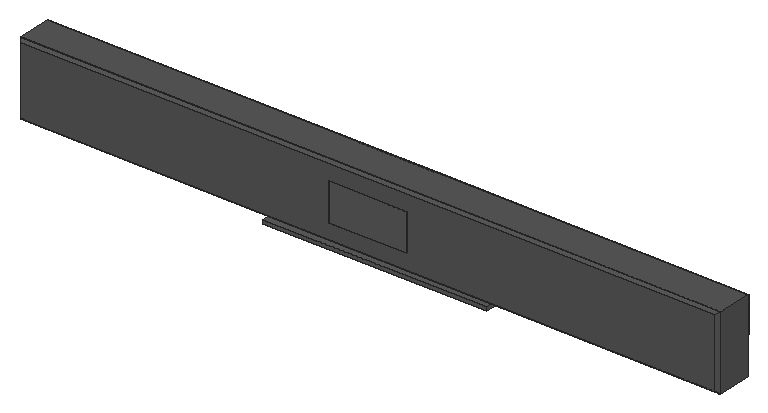
Revit family "Electronics_Conferencing-Bars_Biamp_Parle_Audio_ABC-2500__", category Communication Devices, host Face, Revit 2020
Family settings
  Host = Face
  Maintain Annotation Orientation = No
  Round Connector Dimension = Use Diameter
  Part Type = Normal
  OmniClass Number = 23.85.10.11.14
  OmniClass Title = Audio Equipment
  Cut with Voids When Loaded = No
  Shared = No
  Room Calculation Point = No
Parameters (values of type "ABC 2500")
  Width = 37.00"  # constant formula
  Weight = 9.60 lbf  # constant formula
  Wall Installation [instance] = no
  Voltage = 0 V
  USB 3.0 = "1x Type C"  # constant formula
  URL = "https://www.biamp.com/"
  Transducers = "2x 2.5 in (60 mm) full range"  # constant formula
  Temperature Range = "32 - 104° F (0 - 40° C)"  # constant formula
  Table Installation [instance] = not(Wall Installation)  # yes
  THD = "< 0.2%"  # constant formula
  Sampling Rate = "48 kHz"  # constant formula
  SNR = "69 dB"  # constant formula
  Rated Maximum SPL = "90 dB (continuous)"  # constant formula
  Product data url = "https://www.bimobject.com/biamp/product/abc-2500_conferencing-bar"
  Product Page URL = "https://www.biamp.com/products/product-families/parle/conferencing-bars#abc-2500"
  Product Documentation Link = "https://downloads.biamp.com/assets/docs/default-source/data-sheets/biamp_data_sheet_parle_abc_2500_sep22.pdf"
  Power Factor = 1
  Polar Pattern = "Active Beamformed"  # constant formula
  Pickup Range = "> 23 feet (7 m)"  # constant formula
  Number of Poles = 1
  Nominal Impedance = "4 ohm"  # constant formula
  Nominal Beamwidth = "180° x 180°"  # constant formula
  Noise Reduction = "AI filter"  # constant formula
  Model = "Parlé™ ABC 2500"  # constant formula
  Microphone Technology = "27-Element Digital Array"  # constant formula
  Microphone Sensitivity = "> -37dBFS ± 1dB"  # constant formula
  Microphone Indicators = "Mute Indicator (Green/Red/Off LEDs)"  # constant formula
  Microphone Data Rate Output = "48 kHz"  # constant formula
  Maximum SPL = "130 dB"  # constant formula
  Max Power Consumption = 60 W
  Manufacturer = "Biamp"  # constant formula
  Loudspeakers Sensitivity = "84 dB\r"  # constant formula
  Loudspeakers Frequency Response = "-10 dB\r"  # constant formula
  Microphone Frequency Response = "-10dB"  # constant formula
  Humidity = "0-90% relative humidity (non-condensing)"  # constant formula
  Housing Material = Biamp - Plastic - Black
  Height = 3.90"  # constant formula
  Description = "Parlé™ ABC 2500 Conferencing Audio Bar"  # constant formula
  Depth = 2.50"  # constant formula
  Default Elevation = 48.00"
  Connector Description = "USB-C"  # constant formula
  Compliance = "FCC Part 15B (USA) CE Marked (Europe) UL and C-UL listed (USA and Canada) RoHS Directive (Europe)"  # constant formula
  Audio Processing = "AEC (Acoustic Echo Cancellation)"  # constant formula
  Assembly Code = ""
  Apparent Load = Max Power Consumption / Power Factor  # 60 VA
  Angle [instance] = if(Wall Installation, 90.00°, 0.00°)  # 0.00°
  Altitude = "0-10,000 ft (0-3000m) MSL"  # constant formula
Reference planes (in)
  plane 1 "Center (Front/Back)": y = 0
  plane 2: z = 0
  plane 3 "Center (Left/Right)": x = 0
  plane 4: z = 0.65625
Lines and regions (in)
  reference lines
    curve 1: line (0, 0, 0.65625) -> (0, -6, 0.65625)
Dimensions and locks (in)
  "Angle": angle plane 4 to curve 1
  aligned and locked: plane 2 to host face
  aligned and locked: level to host face
  aligned and locked: plane 1 "Center (Front/Back)" to curve 1
  aligned and locked: plane 4 to curve 1
Automatic sketch dimensions
  host sketch curve to host sketch curve = 96.00"  (x2)
Nested families (in)
  nested 1: "Biamp_Parle_ABC_Table Installation" at (-0.00569, -0.67969, 0), visible <- "Table Installation", type "Biamp_Parle_ABC_Table Installation"
  nested 2: "Biamp_Parle_ABC_Wall Installation" at (-0.01562, 1.94966, 0), visible <- "Wall Installation", type "Biamp_Parle_ABC_Wall Installation"
  nested 3: "Audio_Biamp_Parle_ABC" at (0, -1.25, 0.65625), type "ABC AC"
Connectors (in)
  electrical at (2.033, -0.25357, 3.07759), driven by "Number of Poles", driven by "Voltage", driven by "Apparent Load", driven by "Power Factor", driven by "Connector Description"
    settings: on nested 3, index 2, voltage 0 V, apparent load 0 VA, apparent load phase1 60 VA, apparent load phase2 0 VA, apparent load phase3 0 VA, power factor 1, load classification "Other", number of poles 1, system type 31, power factor state 1, is connector primary yes, connector utility no, sub classification motor no, connector description "USB-C"
  electrical at (2.033, -0.25357, 2.35026), driven by "Power Factor", driven by "Apparent Load", driven by "Number of Poles"
    settings: on nested 3, index 3, voltage 120 V, apparent load 56.88 VA, apparent load phase1 60 VA, apparent load phase2 0 VA, apparent load phase3 0 VA, power factor 1, load classification "Other", number of poles 1, system type 31, power factor state 1, is connector primary no, connector utility no, sub classification motor no, connector description "100-240VAC 50/60Hz"
Definition of nested family "Biamp_Parle_ABC_Table Installation"
  Parameters (values of type "Biamp_Parle_ABC_Table Installation")
    Width = 11.8125"
    Height = 0.00"
    Depth = 2.67188"
    Default Elevation = 48.00"
    Case Material = none
  Reference planes (in)
    plane 1 "Center (Front/Back)": y = 0
    plane 2: z = 0
    plane 3 "Center (Left/Right)": x = 0
    plane 4: y = 1.33594
    plane 5: y = -1.33594
    plane 6: x = 5.90625
    plane 7: x = -5.90625
  Forms (in)
    Extrusion 1, solid
      sketch origin (0, 0, 0) x (1, 0, 0) y (0, 1, 0)
        loop
          line (-48, 48) -> (-48, -48) -> (48, -48) -> (48, 48) -> (-48, 48)
      from 0 to -12
    Extrusion 2, void
      sketch origin (0, 1.21094, 3.07812) x (0, 0, -1) y (1, 0, 0)
        loop
          circle (0.47275, 2.875) r 0.13215
        loop
          circle (1.504, 2.875) r 0.13215
        loop
          circle (0.47275, -2.875) r 0.13215
        loop
          circle (1.504, -2.875) r 0.13215
      from -0.125 to 0
    Extrusion 3, solid, material <- "Case Material", detail levels coarse
      sketch origin (0, 0, 0) x (0, 1, 0) y (0, 0, 1)
        loop
          line (1.33594, 0) -> (1.33594, 3.07812) -> (1.21094, 3.07812) -> (1.21094, 0.20312) -> (-1.33594, 0.20312) -> (-1.33594, 0) -> (1.33594, 0)
      from -5.90625 to 5.90625
    Extrusion 4, solid, material <- "Case Material", detail levels medium+fine
      sketch origin (0, 0, 0) x (0, 1, 0) y (0, 0, 1)
        loop
          line (1.33594, 0) -> (1.33594, 3.07812) -> (1.21094, 3.07812) -> (1.21094, 0.20312) -> (-1.33594, 0.20312) -> (-1.33594, 0) -> (1.33594, 0)
      from -5.90625 to 5.90625
    Extrusion 5, void
      sketch origin (0, 0, 0) x (1, 0, 0) y (0, 0, 1)
        loop
          line (2.39063, 0.82812) -> (2.39063, 3.07812) -> (-2.39062, 3.07812) -> (-2.39062, 0.82812) -> (-0.98437, 0.82812) -> (-0.98437, 0) -> (0.98438, 0) -> (0.98438, 0.82812) -> (2.39063, 0.82812)
      from -3.15081 to -0.94531
    Extrusion 6, void
      sketch origin (0, 0, 0) x (1, 0, 0) y (0, 0, 1)
        loop
          line (-4.35937, 3.07812) -> (-5.90625, 3.07812) -> (-5.90625, -0.10944) -> (-4.35937, -0.10944) -> (-4.35937, 3.07812)
        loop
          line (5.90625, 3.07812) -> (4.35938, 3.07812) -> (4.35938, 0) -> (5.90625, 0) -> (5.90625, 3.07812)
      from -1.33594 to -0.55469
  Cuts and joins
    Extrusion 2, Extrusion 5, Extrusion 6 cuts Extrusion 4
  Lines and regions (in)
    Masking region 1, detail levels medium+fine
      outline origin (0, 0, 0) x (1, 0, 0) y (0, 1, 0)
        loop
          line (-5.90625, -1.33594) -> (5.90625, -1.33594) -> (5.90625, 0.55469) -> (4.35938, 0.55469) -> (4.35938, 1.33594) -> (0.98438, 1.33594) -> (0.98438, 0.94531) -> (-0.98437, 0.94531) -> (-0.98437, 1.33594) -> (-4.35937, 1.33594) -> (-4.35937, 0.55469) -> (-5.90625, 0.55469) -> (-5.90625, -1.33594)
    Masking region 2, detail levels coarse
      outline origin (0, 0, 0) x (1, 0, 0) y (0, 1, 0)
        loop
          line (-5.90625, -1.33594) -> (5.90625, -1.33594) -> (5.90625, 1.33594) -> (-5.90625, 1.33594) -> (-5.90625, -1.33594)
    symbolic lines, detail levels medium+fine
      curve 1: line (-4.35937, 1.21094, 0) -> (-0.98437, 1.21094, 0)
      curve 2: line (0.98438, 1.21094, 0) -> (4.35938, 1.21094, 0)
      curve 3: line (2.39063, 1.33594, 0) -> (2.39063, 1.21094, 0)
      curve 4: line (-2.39062, 1.33594, 0) -> (-2.39062, 1.21094, 0)
    symbolic lines, detail levels coarse
      curve 5: line (-5.90625, 1.21094, 0) -> (5.90625, 1.21094, 0)
  Dimensions and locks (in)
    equal spacing: plane 7, plane 3 "Center (Left/Right)", plane 6
    "Depth": plane 4 to plane 5
    "Width": plane 7 to plane 6
    equal spacing: plane 4, plane 1 "Center (Front/Back)", plane 5
    aligned and locked: plane 2 to Extrusion 1
    aligned and locked: level to Extrusion 1
    aligned and locked: plane 7 to Extrusion 3
    aligned and locked: Extrusion 3 to plane 6
  Automatic sketch dimensions
    Extrusion 1 sketch curve to Extrusion 1 sketch curve = 96.00"  (x2)
    Extrusion 3 sketch curve to level = 0.00"
    Extrusion 3 sketch curve to plane 5 = 0.00"
    Extrusion 3 sketch curve to plane 4 = 0.00"
    Extrusion 3 sketch curve to plane 4 = 0.125"
    level to Extrusion 3 sketch curve = 0.20312"
    Extrusion 3 sketch curve to Extrusion 3 sketch curve = 2.875"
    Extrusion 4 sketch curve to level = 0.00"
    Extrusion 4 sketch curve to plane 5 = 0.00"
    Extrusion 4 sketch curve to plane 4 = 0.00"
    Extrusion 4 sketch curve to plane 4 = 0.125"
    level to Extrusion 4 sketch curve = 0.20312"
    Extrusion 4 sketch curve to Extrusion 4 sketch curve = 2.875"
    Extrusion 5 sketch curve to level = 0.00"
    Extrusion 5 sketch curve to plane 3 "Center (Left/Right)" = 2.39062"
    Extrusion 5 sketch curve to plane 3 "Center (Left/Right)" = 0.98437"
    plane 3 "Center (Left/Right)" to Extrusion 5 sketch curve = 0.98438"
    plane 3 "Center (Left/Right)" to Extrusion 5 sketch curve = 2.39063"
    Extrusion 5 sketch curve to Extrusion 5 sketch curve = 0.82813"
    level to Extrusion 5 sketch curve = 0.82812"
    Extrusion 5 sketch curve to Extrusion 5 sketch curve = 2.25"
    plane 7 to Extrusion 6 sketch curve = 0.00"
    plane 6 to Extrusion 6 sketch curve = 0.00"
    Extrusion 6 sketch curve to level = 0.10944"
    Extrusion 6 sketch curve to plane 7 = 1.54687"
    level to Extrusion 6 sketch curve = 0.00"
    plane 6 to Extrusion 6 sketch curve = 1.54687"
    Extrusion 6 sketch curve to Extrusion 6 sketch curve = 3.07812"
    Extrusion 6 sketch curve to Extrusion 6 sketch curve = 3.18756"
    Extrusion 2 sketch curve to Extrusion 2 sketch curve = 1.03125"  (x2)
    Extrusion 2 sketch curve to Extrusion 2 sketch curve = 0.00"  (x2)
    level to Extrusion 2 sketch curve = 2.60538"  (x2)
    Extrusion 2 sketch curve to plane 3 "Center (Left/Right)" = 2.875"
    plane 3 "Center (Left/Right)" to Extrusion 2 sketch curve = 2.875"
    Masking region 1 sketch curve to plane 7 = 0.00"
    Masking region 1 sketch curve to plane 5 = 0.00"
    Masking region 1 sketch curve to plane 4 = 0.00"  (x2)
    Masking region 1 sketch curve to plane 6 = 0.00"
    Masking region 1 sketch curve to plane 1 "Center (Front/Back)" = 0.55469"  (x2)
    Masking region 1 sketch curve to plane 7 = 1.54687"
    Masking region 1 sketch curve to plane 4 = 0.39062"
    Masking region 1 sketch curve to plane 3 "Center (Left/Right)" = 0.98437"
    plane 3 "Center (Left/Right)" to Masking region 1 sketch curve = 0.98438"
    plane 6 to Masking region 1 sketch curve = 1.54687"
    Masking region 2 sketch curve to plane 4 = 0.00"
    Masking region 2 sketch curve to plane 7 = 0.00"
    Masking region 2 sketch curve to plane 6 = 0.00"
    Masking region 2 sketch curve to plane 5 = 0.00"
    curve 5 to plane 7 = 0.00"
    curve 4 to plane 4 = 0.00"
    curve 3 to plane 4 = 0.00"
    curve 5 to plane 6 = 0.00"
    curve 1 to plane 4 = 0.125"
    curve 5 to curve 1 = 1.54687"
    curve 1 to curve 4 = 1.96875"
    curve 1 to plane 3 "Center (Left/Right)" = 0.98437"
    curve 2 to plane 4 = 0.125"
    plane 3 "Center (Left/Right)" to curve 2 = 0.98438"
    curve 2 to curve 3 = 1.40625"
    plane 6 to curve 2 = 1.54687"
    curve 5 to plane 4 = 0.125"
    radius of Extrusion 2 sketch curve = 0.13215"  (x4)
Definition of nested family "Biamp_Parle_ABC_Wall Installation"
  Parameters (values of type "Biamp_Parle_ABC_Wall Installation")
    Width = 8.46"
    Height = 0.125"
    Depth = 2.75"
    Default Elevation = 48.00"
    Case Material = none
  Reference planes (in)
    plane 1 "Center (Front/Back)": y = 0
    plane 2: z = 0
    plane 3 "Center (Left/Right)": x = 0
    plane 4: y = 1.375
    plane 5: y = -1.375
    plane 6: x = 4.23
    plane 7: x = -4.23
    plane 8: z = 0.125
  Forms (in)
    Extrusion 1, solid
      sketch origin (0, 0, 0) x (1, 0, 0) y (0, 1, 0)
        loop
          line (-48, 48) -> (-48, -48) -> (48, -48) -> (48, 48) -> (-48, 48)
      from 0 to -12
    Extrusion 2, solid, material <- "Case Material", detail levels medium+fine
      sketch origin (0, 0, 0) x (1, 0, 0) y (0, 1, 0)
        loop
          line (-4.23, 1.375) -> (-4.23, -1.375) -> (4.23, -1.375) -> (4.23, 1.375) -> (-4.23, 1.375)
        loop
          line (-0.94875, 0.4375) -> (-0.94875, -0.4375) -> (0.94875, -0.4375) -> (0.94875, 0.4375) -> (-0.94875, 0.4375)
        loop
          circle (-1.965, 0.785) r 0.10173
        loop
          circle (-1.965, -0.785) r 0.10173
        loop
          circle (1.965, 0.785) r 0.10173
        loop
          circle (1.965, -0.785) r 0.10173
        loop
          circle (3.83562, 0.88673) r 0.05591
        loop
          circle (3.83562, -0.88673) r 0.05591
        loop
          circle (-3.83562, 0.88673) r 0.05591
        loop
          circle (-3.83562, -0.88673) r 0.05591
        loop
          circle (2.87336, 0.03125) r 0.05591
        loop
          circle (3.42113, -0.06641) r 0.08254
        loop
          circle (2.87336, -1) r 0.05591
        loop
          circle (-2.87336, 0.03125) r 0.05591
        loop
          circle (-3.42113, -0.06641) r 0.08254
        loop
          circle (-2.87336, -1) r 0.05591
      from 0 to 0.125
    Extrusion 3, solid, material <- "Case Material", detail levels coarse
      sketch origin (0, 0, 0) x (1, 0, 0) y (0, 1, 0)
        loop
          line (-4.23, 1.375) -> (-4.23, -1.375) -> (4.23, -1.375) -> (4.23, 1.375) -> (-4.23, 1.375)
      from 0 to 0.125
  Lines and regions (in)
    Masking region 1
      outline origin (0, 0, 0) x (1, 0, 0) y (0, 0, 1)
        loop
          line (-4.23, 0.125) -> (-4.23, 0) -> (4.23, 0) -> (4.23, 0.125) -> (-4.23, 0.125)
  Dimensions and locks (in)
    equal spacing: plane 7, plane 3 "Center (Left/Right)", plane 6
    "Depth": plane 4 to plane 5
    "Width": plane 7 to plane 6
    equal spacing: plane 4, plane 1 "Center (Front/Back)", plane 5
    "Height": level to plane 8
    aligned and locked: plane 2 to Extrusion 1
    aligned and locked: level to Extrusion 1
  Automatic sketch dimensions
    Extrusion 1 sketch curve to Extrusion 1 sketch curve = 96.00"  (x2)
    Extrusion 3 sketch curve to plane 5 = 0.00"
    Extrusion 3 sketch curve to plane 7 = 0.00"
    Extrusion 3 sketch curve to plane 6 = 0.00"
    Extrusion 3 sketch curve to plane 4 = 0.00"
    Extrusion 2 sketch curve to Extrusion 2 sketch curve = 0.00"  (x13)
    Extrusion 2 sketch curve to plane 5 = 0.00"
    Extrusion 2 sketch curve to plane 7 = 0.00"
    Extrusion 2 sketch curve to plane 6 = 0.00"
    Extrusion 2 sketch curve to plane 4 = 0.00"
    Extrusion 2 sketch curve to plane 7 = 0.39438"  (x2)
    plane 1 "Center (Front/Back)" to Extrusion 2 sketch curve = 0.06641"  (x2)
    Extrusion 2 sketch curve to plane 7 = 0.80887"
    Extrusion 2 sketch curve to plane 1 "Center (Front/Back)" = 0.03125"  (x2)
    Extrusion 2 sketch curve to Extrusion 2 sketch curve = 0.54776"  (x2)
    plane 5 to Extrusion 2 sketch curve = 0.375"  (x2)
    Extrusion 2 sketch curve to Extrusion 2 sketch curve = 0.96225"
    Extrusion 2 sketch curve to Extrusion 2 sketch curve = 0.90836"  (x3)
    Extrusion 2 sketch curve to plane 4 = 0.59"  (x2)
    plane 1 "Center (Front/Back)" to Extrusion 2 sketch curve = 0.4375"
    Extrusion 2 sketch curve to plane 3 "Center (Left/Right)" = 0.94875"
    Extrusion 2 sketch curve to plane 1 "Center (Front/Back)" = 0.4375"
    plane 3 "Center (Left/Right)" to Extrusion 2 sketch curve = 0.94875"
    Extrusion 2 sketch curve to Extrusion 2 sketch curve = 1.01625"  (x2)
    plane 6 to Extrusion 2 sketch curve = 0.39438"  (x2)
    plane 5 to Extrusion 2 sketch curve = 0.48827"  (x2)
    plane 5 to Extrusion 2 sketch curve = 0.59"  (x2)
    Extrusion 2 sketch curve to plane 4 = 0.48827"  (x2)
    Extrusion 2 sketch curve to Extrusion 2 sketch curve = 0.08254"  (x2)
    Extrusion 2 sketch curve to Extrusion 2 sketch curve = 0.05591"  (x4)
    Masking region 1 sketch curve to level = 0.00"
    plane 7 to Masking region 1 sketch curve = 0.00"
    plane 6 to Masking region 1 sketch curve = 0.00"
    Masking region 1 sketch curve to plane 8 = 0.00"
    radius of Extrusion 2 sketch curve = 0.10173"  (x4)
    radius of Extrusion 2 sketch curve = 0.05591"  (x4)
Definition of nested family "Audio_Biamp_Parle_ABC"
  Parameters (values of type "ABC AC")
    Width = 37.00"
    URL = "https://www.biamp.com/"
    Model = "ABC"
    Manufacturer = "Biamp"
    Height = 3.90"
    Description = "Parlé™ ABC 2500"
    Depth = 2.50"
    Default Elevation = 48.00"
    Case Material = none
  Reference planes (in)
    plane 1 "Center (Front/Back)": y = 0
    plane 2: z = 0
    plane 3 "Center (Left/Right)": x = 0
    plane 4: y = 1.25
    plane 5: y = -1.25
    plane 6: x = 18.5
    plane 7: x = -18.5
    plane 8: z = 3.9
  Forms (in)
    Extrusion 1, solid, material <- "Case Material", detail levels medium+fine
      sketch origin (0, 0, 0) x (0, 1, 0) y (0, 0, 1)
        loop
          line (1.25, 3.4) -> (0.76563, 3.9) -> (0.76562, 3.86301) -> (1.22723, 3.38651) -> (1.22723, 0.51349) -> (0.76562, 0.03699) -> (0.76563, 0) -> (1.25, 0.5) -> (1.25, 3.4)
      from -2.04688 to 2.04688
    Extrusion 2, void
      sketch origin (0, 0, 0) x (0, 1, 0) y (0, 0, 1)
        loop
          line (1.25, 3.4) -> (0.76563, 3.9) -> (0.76563, 0) -> (1.25, 0.5) -> (1.25, 3.4)
      from -2.04688 to 2.04687
    Extrusion 3, solid, material <- "Case Material", detail levels medium+fine
      sketch origin (0, 0, -0.625) x (0, 1, 0) y (0, 0, 1)
        loop
          line (0.90186, 0.76563) -> (1.25, 0.76563) -> (1.25, 1.125) -> (0.90186, 0.76563)
      from -17.28003 to 17.26865
    Extrusion 4, solid, detail levels medium+fine
      sketch origin (0, 0, -0.625) x (0, 1, 0) y (0, 0, 1)
        loop
          line (0.96925, 0.76563) -> (0.93002, 0.76563)
          arc (0.93002, 0.76563) -> (1.10956, 0.58609) -> (1.28909, 0.76563) r 0.17953
          line (1.28909, 0.76563) -> (1.78125, 0.94966) -> (1.78125, 2.96528) -> (1.70312, 2.96528) -> (1.70312, 1.00436) -> (1.23495, 0.83138)
          arc (1.23495, 0.83138) -> (1.1441, 0.62876) -> (0.96925, 0.76563) r 0.14099
      from -4.15625 to 4.15625
    Extrusion 5, void
      sketch origin (0, 0, -0.625) x (1, 0, 0) y (0, 0, 1)
        loop
          line (2.5625, 2.96528) -> (-2.5625, 2.96528) -> (-2.5625, 1.19966) -> (-3.29687, 1.19966) -> (-3.29687, 0.57466) -> (3.29688, 0.57466) -> (3.29688, 1.19966) -> (2.5625, 1.19966) -> (2.5625, 2.96528)
      from -1.78125 to -0.91626
    Extrusion 6, void
      sketch origin (0, 1.78125, 0.32466) x (0, 0, -1) y (1, 0, 0)
        loop
          circle (-1.65625, -2.875) r 0.04687
        loop
          circle (-1.14062, -2.875) r 0.0625
        loop
          circle (-0.625, -2.875) r 0.04687
        loop
          circle (-0.625, -3.70312) r 0.0625
        loop
          arc (-1.35609, -3.57557) -> (-0.98406, -3.42338) -> (-1.35028, -3.25771) r 0.21881
          arc (-1.35028, -3.25771) -> (-1.40163, -3.30815) -> (-1.47122, -3.32657) r 0.14063
          line (-1.47122, -3.32657) -> (-1.57784, -3.32657)
          arc (-1.57784, -3.32657) -> (-1.67188, -3.42148) -> (-1.57864, -3.51568) r 0.09381
          line (-1.57864, -3.51568) -> (-1.47122, -3.51568)
          arc (-1.47122, -3.51568) -> (-1.40633, -3.53155) -> (-1.35609, -3.57557) r 0.14063
        loop
          circle (-1.65625, 2.875) r 0.04687
        loop
          circle (-1.14063, 2.875) r 0.0625
        loop
          circle (-0.625, 2.875) r 0.04687
        loop
          circle (-0.625, 3.70312) r 0.0625
        loop
          arc (-1.35609, 3.57557) -> (-1.40633, 3.53155) -> (-1.47122, 3.51568) r 0.14063
          line (-1.47122, 3.51568) -> (-1.57864, 3.51568)
          arc (-1.57864, 3.51568) -> (-1.67188, 3.42148) -> (-1.57784, 3.32657) r 0.09381
          line (-1.57784, 3.32657) -> (-1.47122, 3.32657)
          arc (-1.47122, 3.32657) -> (-1.40163, 3.30815) -> (-1.35028, 3.25771) r 0.14063
          arc (-1.35028, 3.25771) -> (-0.98406, 3.42338) -> (-1.35609, 3.57557) r 0.21881
      from 0 to 0.07812
    Extrusion 7, solid, material <- "Case Material", detail levels medium+fine
      sketch origin (0, 0, 0) x (1, 0, 0) y (0, 0, 1)
        loop
          line (-18.5, 3.9) -> (-18.5, 0) -> (18.5, 0) -> (18.5, 3.9) -> (-18.5, 3.9)
      from -0.76562 to 1.07812
    Blend 8, solid, detail levels medium+fine
      base sketch origin (0, 0, 0) x (1, 0, 0) y (0, 0, 1)
        loop
          line (-18.5, 3.9) -> (-18.5, 0) -> (18.5, 0) -> (18.5, 3.9) -> (-18.5, 3.9)
      top sketch origin (0, 0, 0) x (1, 0, 0) y (0, 0, 1)
        loop
          line (-18.35938, 3.75938) -> (-18.35938, 0.14063) -> (18.35937, 0.14063) -> (18.35937, 3.75938) -> (-18.35938, 3.75938)
      from 1.07812 to 1.25
    Blend 9, solid, material <- "Case Material", detail levels medium+fine
      base sketch origin (0, 0, 0) x (1, 0, 0) y (0, 0, -1)
        loop
          line (-18.5, -3.9) -> (18.5, -3.9) -> (18.5, 0) -> (-18.5, 0) -> (-18.5, -3.9)
      top sketch origin (0, 0, 0) x (1, 0, 0) y (0, 0, -1)
        loop
          line (18, -3.4) -> (18, -0.5) -> (-18, -0.5) -> (-18, -3.4) -> (18, -3.4)
      from 0.76563 to 1.25
    Extrusion 10, solid, detail levels medium+fine
      sketch origin (0, -1.25, 0) x (1, 0, 0) y (0, 0, 1)
        loop
          line (-2.04687, 0.9625) -> (2.04688, 0.9625) -> (2.04688, 2.93125) -> (-2.04687, 2.93125) -> (-2.04687, 0.9625)
      from -0.17188 to 0
    Extrusion 11, void
      sketch origin (0, -1.25, 0) x (-1, 0, 0) y (0, 0, 1)
        loop
          line (2.04687, 2.93125) -> (-2.04688, 2.93125) -> (-2.04688, 0.9625) -> (2.04687, 0.9625) -> (2.04687, 2.93125)
      from 0 to 0.17188
    Extrusion 12, solid, material <- "Case Material", detail levels coarse
      sketch origin (0, 0, 0) x (1, 0, 0) y (0, 0, 1)
        loop
          line (-18.5, 3.9) -> (-18.5, 0) -> (18.5, 0) -> (18.5, 3.9) -> (-18.5, 3.9)
      from -1.25 to 1.25
    Extrusion 13, solid, detail levels coarse
      sketch origin (-4.15625, 0, -0.625) x (0, -1, 0) y (0, 0, 1)
        loop
          line (-1.70312, 2.96528) -> (-1.78125, 2.96528) -> (-1.78125, 0.625) -> (-1.25, 0.625) -> (-1.25, 0.70313) -> (-1.70312, 0.70313) -> (-1.70312, 2.96528)
      from -8.3125 to 0
    Extrusion 14, solid
      sketch origin (0, 0, 0) x (0, 1, 0) y (0, 0, 1)
        loop
          line (0.87143, 2.54634) -> (0.87143, 2.29634) -> (1.12143, 2.29634) -> (1.12143, 2.54634) -> (0.87143, 2.54634)
        loop
          line (0.93434, 1.81901) -> (0.93434, 1.56901) -> (1.05852, 1.56901) -> (1.05852, 1.81901) -> (0.93434, 1.81901)
      from 2.033 to 2.07761
  Cuts and joins
    Extrusion 11 cuts Blend 8
    Extrusion 5, Extrusion 6 cuts Extrusion 4
    Extrusion 2 cuts Blend 9
  Lines and regions (in)
    Masking region 1, detail levels medium+fine
      outline origin (0, 0, 0) x (1, 0, 0) y (0, 1, 0)
        loop
          line (-18.5, -1.07813) -> (-18.35938, -1.25) -> (18.35937, -1.25) -> (18.5, -1.07813) -> (18.5, 0.76563) -> (17.99873, 1.25123) -> (4.15625, 1.25123) -> (4.15625, 1.78125) -> (2.5625, 1.78125) -> (2.5625, 1.70312) -> (3.29688, 1.70312) -> (3.29688, 1.25123) -> (-3.29687, 1.25123) -> (-3.29687, 1.70312) -> (-2.5625, 1.70312) -> (-2.5625, 1.78125) -> (-4.15625, 1.78125) -> (-4.15625, 1.25) -> (-18, 1.25) -> (-18.5, 0.76562) -> (-18.5, -1.07813)
    Masking region 2, detail levels coarse
      outline origin (0, 0, 0) x (1, 0, 0) y (0, 1, 0)
        loop
          line (-18.5, -1.25) -> (18.5, -1.25) -> (18.5, 1.25) -> (4.15625, 1.25) -> (4.15625, 1.78125) -> (-4.15625, 1.78125) -> (-4.15625, 1.25) -> (-18.5, 1.25) -> (-18.5, -1.25)
    symbolic lines, detail levels medium+fine
      curve 1: line (-18.5, 0.76562, 0) -> (18.5, 0.76562, 0)
      curve 2: line (18, 1.25, 0) -> (-18, 1.25, 0)
      curve 3: line (-4.15625, 1.70312, 0) -> (-2.5625, 1.70312, 0)
      curve 4: line (-2.04687, 1.25, 0) -> (-2.04687, 0.76562, 0)
      curve 5: line (2.04688, 1.25, 0) -> (2.04688, 0.76562, 0)
      curve 6: line (2.5625, 1.70312, 0) -> (4.15625, 1.70312, 0)
      curve 7: line (-18.5, -1.07813, 0) -> (18.5, -1.07813, 0)
    symbolic lines, detail levels coarse
      curve 8: line (-4.15625, 1.70312, 0) -> (4.15625, 1.70312, 0)
      curve 9: line (-18.5, 1.25, 0) -> (18.5, 1.25, 0)
  Dimensions and locks (in)
    equal spacing: plane 4, plane 1 "Center (Front/Back)", plane 5
    equal spacing: plane 7, plane 3 "Center (Left/Right)", plane 6
    "Width": plane 7 to plane 6
    "Depth": plane 4 to plane 5
    "Height": plane 8 to level
    aligned and locked: plane 2 to level
    aligned and locked: plane 4 to Extrusion 12
    aligned and locked: plane 4 to cut or joined group of Extrusion 2, Blend 9
  Automatic sketch dimensions
    Extrusion 1 sketch curve to plane 4 = 0.00"
    Extrusion 1 sketch curve to plane 4 = 0.02277"
    Extrusion 1 sketch curve to plane 4 = 0.48437"
    Extrusion 1 sketch curve to plane 4 = 0.48438"
    level to Extrusion 1 sketch curve = 0.00"
    Extrusion 1 sketch curve to Extrusion 1 sketch curve = 0.03699"  (x2)
    Extrusion 1 sketch curve to Extrusion 1 sketch curve = 0.46301"
    Extrusion 1 sketch curve to Extrusion 1 sketch curve = 0.01349"  (x2)
    Extrusion 1 sketch curve to plane 8 = 0.51349"
    Extrusion 1 sketch curve to plane 8 = 0.03699"
    Extrusion 2 sketch curve to plane 4 = 0.00"
    Extrusion 2 sketch curve to plane 4 = 0.48437"
    level to Extrusion 2 sketch curve = 0.00"
    Extrusion 2 sketch curve to Extrusion 2 sketch curve = 0.50"
    Extrusion 2 sketch curve to plane 8 = 0.50"
    plane 8 to Extrusion 2 sketch curve = 0.00"
    Extrusion 3 sketch curve to plane 4 = 0.00"
    Extrusion 3 sketch curve to plane 4 = 0.34814"
    level to Extrusion 3 sketch curve = 0.14062"
    Extrusion 3 sketch curve to Extrusion 3 sketch curve = 0.35937"
    Extrusion 4 sketch curve to plane 4 = 0.31998"
    Extrusion 4 sketch curve to Extrusion 4 sketch curve = 0.03922"
    Extrusion 4 sketch curve to Extrusion 4 sketch curve = 0.14031"
    Extrusion 4 sketch curve to Extrusion 4 sketch curve = 0.00068"
    Extrusion 4 sketch curve to plane 4 = 0.01505"
    plane 4 to Extrusion 4 sketch curve = 0.45312"
    Extrusion 4 sketch curve to Extrusion 4 sketch curve = 0.07812"
    level to Extrusion 4 sketch curve = 0.14062"
    Extrusion 4 sketch curve to Extrusion 4 sketch curve = 0.18403"
    Extrusion 4 sketch curve to Extrusion 4 sketch curve = 0.0547"
    Extrusion 4 sketch curve to plane 8 = 1.55972"
    level to Extrusion 5 sketch curve = 0.57466"  (x2)
    Extrusion 5 sketch curve to plane 3 "Center (Left/Right)" = 3.29687"
    Extrusion 5 sketch curve to Extrusion 5 sketch curve = 0.73437"  (x2)
    plane 3 "Center (Left/Right)" to Extrusion 5 sketch curve = 2.5625"
    Extrusion 5 sketch curve to level = 0.05034"
    Extrusion 5 sketch curve to plane 8 = 1.55972"
    Extrusion 4 to Extrusion 6 sketch curve = 0.35938"
    Extrusion 4 to Extrusion 6 sketch curve = 0.35937"
    Extrusion 4 to Extrusion 6 sketch curve = 0.43698"  (x2)
    Extrusion 6 sketch curve to Extrusion 6 sketch curve = 0.00057"  (x2)
    Extrusion 6 sketch curve to Extrusion 6 sketch curve = 0.10742"  (x2)
    Extrusion 6 sketch curve to Extrusion 6 sketch curve = 0.10685"  (x2)
    Extrusion 6 sketch curve to Extrusion 6 sketch curve = 0.26838"  (x2)
    Extrusion 6 sketch curve to Extrusion 6 sketch curve = 0.3306"  (x2)
    Extrusion 6 sketch curve to Extrusion 6 sketch curve = 0.51562"  (x2)
    Extrusion 6 sketch curve to Extrusion 4 = 0.625"  (x2)
    Extrusion 6 sketch curve to Extrusion 4 = 0.45313"  (x2)
    Extrusion 6 sketch curve to Extrusion 4 = 0.49994"
    Extrusion 6 sketch curve to Extrusion 6 sketch curve = 0.14063"  (x4)
    Extrusion 6 sketch curve to Extrusion 6 sketch curve = 0.09381"  (x2)
    Extrusion 6 sketch curve to Extrusion 6 sketch curve = 0.0963"
    Extrusion 6 sketch curve to Extrusion 6 sketch curve = 0.0953"  (x2)
    Extrusion 6 sketch curve to Extrusion 6 sketch curve = 0.31095"  (x3)
    Extrusion 6 sketch curve to Extrusion 6 sketch curve = 0.00"  (x5)
    Extrusion 6 sketch curve to Extrusion 4 = 1.28125"
    Extrusion 6 sketch curve to Extrusion 6 sketch curve = 0.09281"
    Extrusion 6 sketch curve to Extrusion 6 sketch curve = 0.00023"  (x2)
    Extrusion 6 sketch curve to Extrusion 6 sketch curve = 0.11514"  (x2)
    plane 7 to Extrusion 7 sketch curve = 0.00"
    plane 6 to Extrusion 7 sketch curve = 0.00"
    level to Extrusion 7 sketch curve = 0.00"
    plane 8 to Extrusion 7 sketch curve = 0.00"
    plane 7 to Blend 8 sketch curve = 0.00"
    plane 6 to Blend 8 sketch curve = 0.00"
    level to Blend 8 sketch curve = 0.00"
    plane 8 to Blend 8 sketch curve = 0.00"
    Blend 8 sketch curve to plane 7 = 0.14062"
    plane 6 to Blend 8 sketch curve = 0.14063"
    level to Blend 8 sketch curve = 0.14063"
    Blend 8 sketch curve to plane 8 = 0.14062"
    plane 7 to Blend 9 sketch curve = 0.00"
    plane 6 to Blend 9 sketch curve = 0.00"
    plane 8 to Blend 9 sketch curve = 0.00"
    level to Blend 9 sketch curve = 0.00"
    Blend 9 sketch curve to plane 8 = 0.50"
    Blend 9 sketch curve to plane 7 = 0.50"
    plane 6 to Blend 9 sketch curve = 0.50"
    level to Blend 9 sketch curve = 0.50"
    Extrusion 10 sketch curve to plane 3 "Center (Left/Right)" = 2.04688"
    Extrusion 10 sketch curve to plane 8 = 0.96875"
    level to Extrusion 10 sketch curve = 0.9625"
    Extrusion 11 sketch curve to plane 8 = 0.96875"
    plane 3 "Center (Left/Right)" to Extrusion 11 sketch curve = 2.04687"
    Extrusion 11 sketch curve to plane 3 "Center (Left/Right)" = 2.04688"
    level to Extrusion 11 sketch curve = 0.9625"
    plane 7 to Extrusion 12 sketch curve = 0.00"
    plane 6 to Extrusion 12 sketch curve = 0.00"
    level to Extrusion 12 sketch curve = 0.00"
    plane 8 to Extrusion 12 sketch curve = 0.00"
    plane 3 "Center (Left/Right)" to Extrusion 10 sketch curve = 2.04687"
    Extrusion 13 sketch curve to Extrusion 4 = 0.00"  (x3)
    Extrusion 13 sketch curve to Extrusion 4 = 0.0625"
    Extrusion 4 to Extrusion 13 sketch curve = 0.45312"
    Extrusion 13 sketch curve to Extrusion 13 sketch curve = 0.07813"
    Extrusion 14 sketch curve to plane 4 = 0.37857"
    Extrusion 14 sketch curve to plane 4 = 0.31566"
    Extrusion 14 sketch curve to Extrusion 14 sketch curve = 0.12418"
    Extrusion 14 sketch curve to plane 4 = 0.12857"
    level to Extrusion 14 sketch curve = 1.56901"
    Extrusion 14 sketch curve to Extrusion 14 sketch curve = 0.25"  (x2)
    Extrusion 14 sketch curve to Extrusion 14 sketch curve = 0.47732"
    Masking region 1 sketch curve to plane 7 = 0.00"
    Masking region 1 sketch curve to plane 5 = 0.00"
    Masking region 1 sketch curve to plane 4 = 0.00"
    Masking region 1 sketch curve to plane 6 = 0.00"
    Masking region 1 sketch curve to plane 7 = 0.50"
    plane 4 to Masking region 1 sketch curve = 0.53125"  (x2)
    Masking region 1 sketch curve to plane 3 "Center (Left/Right)" = 4.15625"
    Masking region 1 sketch curve to Masking region 1 sketch curve = 0.85938"
    Masking region 1 sketch curve to Masking region 1 sketch curve = 0.73437"  (x2)
    plane 3 "Center (Left/Right)" to Masking region 1 sketch curve = 2.5625"
    plane 4 to Masking region 1 sketch curve = 0.00123"  (x2)
    Masking region 1 sketch curve to Masking region 1 sketch curve = 0.85937"
    plane 6 to Masking region 1 sketch curve = 0.50127"
    plane 6 to Masking region 1 sketch curve = 0.14063"
    plane 5 to Masking region 1 sketch curve = 0.17188"  (x2)
    Masking region 1 sketch curve to plane 4 = 0.48438"
    Masking region 1 sketch curve to plane 4 = 0.48437"
    Masking region 1 sketch curve to Masking region 1 sketch curve = 0.07813"
    Masking region 1 sketch curve to Masking region 1 sketch curve = 0.07812"
    Masking region 1 sketch curve to plane 7 = 0.14062"
    Masking region 2 sketch curve to plane 5 = 0.00"
    Masking region 2 sketch curve to plane 7 = 0.00"
    Masking region 2 sketch curve to plane 4 = 0.00"  (x2)
    Masking region 2 sketch curve to plane 6 = 0.00"
    plane 4 to Masking region 2 sketch curve = 0.53125"
    Masking region 2 sketch curve to plane 3 "Center (Left/Right)" = 4.15625"
    plane 3 "Center (Left/Right)" to Masking region 2 sketch curve = 4.15625"
    curve 1 to plane 7 = 0.00"
    curve 9 to plane 4 = 0.00"
    curve 9 to plane 7 = 0.00"
    curve 7 to plane 7 = 0.00"
    curve 2 to plane 4 = 0.00"
    curve 1 to plane 6 = 0.00"
    curve 9 to plane 6 = 0.00"
    curve 7 to plane 6 = 0.00"
    plane 4 to curve 8 = 0.45312"
    curve 8 to plane 3 "Center (Left/Right)" = 4.15625"
    plane 3 "Center (Left/Right)" to curve 8 = 4.15625"
    curve 2 to plane 7 = 0.50"
    curve 3 to curve 3 = 1.59375"
    curve 4 to plane 4 = 0.48438"
    curve 3 to curve 4 = 0.51562"
    plane 3 "Center (Left/Right)" to curve 5 = 2.04688"
    curve 5 to curve 6 = 0.51563"
    curve 2 to curve 9 = 0.50"
    plane 5 to curve 7 = 0.17187"
    radius of Extrusion 6 sketch curve = 0.04687"  (x4)
    radius of Extrusion 6 sketch curve = 0.0625"  (x4)
